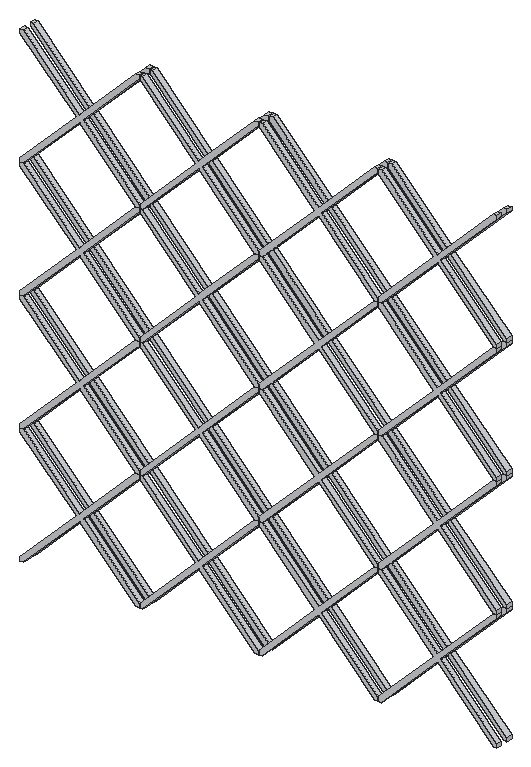
Revit family "M_Padrão do montante_diamante_4x4", category Modelos genéricos, Revit 2019
Family settings
  Pode hospedar o vergalhão = Não
  Cota do conector redondo = Utilizar diâmetro
  Tipo de parte = Normal
  Com base no plano de trabalho = Não
  Sempre na vertical = Sim
  Corte com vazios quando carregada = Não
  Compartilhado = Sim
  Ponto de cálculo do ambiente = Não
Parameters
  Largura [instance] = 1200 mm
  Espessura = 12.7 mm
  Altura [instance] = 1200 mm
  Material interior [instance] = none
  Material externo [instance] = none
  Distância = 19.05 mm
Reference planes
  plane 1 "Centro (Frente/Trás)": y = 0
  plane 2: z = 0
  plane 3 "Centro (Esquerda/Direita)": x = 0
  plane 4: z = 1200
  plane 5: x = -600
  plane 6: x = 600
  plane 7: z = 600
  plane 8: x = -300
  plane 9: x = 300
  plane 10: z = 900
  plane 11: z = 300
Dimensions and locks
  "Largura": plane 6 to plane 5
  "Altura": plane 4 to plane 2
  equal spacing: plane 6, plane 9, plane 3 "Centro (Esquerda/Direita)", plane 8, plane 5
  equal spacing: plane 4, plane 10, plane 7, plane 11, plane 2
  aligned and locked: plane 2 to level
  aligned and locked: plane 1 "Centro (Frente/Trás)" to nested 1
  aligned and locked: plane 1 "Centro (Frente/Trás)" to nested 2
  aligned and locked: plane 1 "Centro (Frente/Trás)" to nested 3
  aligned and locked: plane 1 "Centro (Frente/Trás)" to nested 4
  aligned and locked: plane 10 to nested 1
  aligned and locked: plane 10 to nested 3
  aligned and locked: plane 10 to nested 2
  aligned and locked: plane 10 to nested 4
  aligned and locked: plane 4 to nested 1
  aligned and locked: plane 4 to nested 3
  aligned and locked: plane 4 to nested 2
  aligned and locked: plane 4 to nested 4
  aligned and locked: plane 6 to nested 4
  aligned and locked: plane 9 to nested 4
  aligned and locked: plane 9 to nested 2
  aligned and locked: plane 3 "Centro (Esquerda/Direita)" to nested 2
  aligned and locked: plane 3 "Centro (Esquerda/Direita)" to nested 3
  aligned and locked: plane 8 to nested 3
  aligned and locked: plane 8 to nested 1
  aligned and locked: plane 5 to nested 1
  aligned and locked: plane 5 to nested 5
  aligned and locked: plane 8 to nested 7
  aligned and locked: plane 8 to nested 5
  aligned and locked: plane 3 "Centro (Esquerda/Direita)" to nested 7
  aligned and locked: plane 3 "Centro (Esquerda/Direita)" to nested 6
  aligned and locked: plane 9 to nested 8
  aligned and locked: plane 9 to nested 6
  aligned and locked: plane 6 to nested 8
  aligned and locked: plane 6 to nested 12
  aligned and locked: plane 9 to nested 12
  aligned and locked: plane 9 to nested 10
  aligned and locked: plane 3 "Centro (Esquerda/Direita)" to nested 11
  aligned and locked: plane 3 "Centro (Esquerda/Direita)" to nested 10
  aligned and locked: plane 8 to nested 11
  aligned and locked: plane 8 to nested 9
  aligned and locked: plane 5 to nested 9
  aligned and locked: plane 10 to nested 5
  aligned and locked: plane 10 to nested 7
  aligned and locked: plane 10 to nested 6
  aligned and locked: plane 10 to nested 8
  aligned and locked: plane 7 to nested 5
  aligned and locked: plane 7 to nested 7
  aligned and locked: plane 7 to nested 6
  aligned and locked: plane 7 to nested 8
  aligned and locked: plane 7 to nested 9
  aligned and locked: plane 7 to nested 11
  aligned and locked: plane 7 to nested 10
  aligned and locked: plane 7 to nested 12
  aligned and locked: plane 11 to nested 9
  aligned and locked: plane 11 to nested 11
  aligned and locked: plane 11 to nested 10
  aligned and locked: plane 11 to nested 12
  aligned and locked: plane 5 to nested 13
  aligned and locked: plane 8 to nested 15
  aligned and locked: plane 8 to nested 13
  aligned and locked: plane 3 "Centro (Esquerda/Direita)" to nested 15
  aligned and locked: plane 3 "Centro (Esquerda/Direita)" to nested 14
  aligned and locked: plane 9 to nested 16
  aligned and locked: plane 9 to nested 14
  aligned and locked: plane 6 to nested 16
  aligned and locked: plane 11 to nested 13
  aligned and locked: plane 11 to nested 15
  aligned and locked: plane 11 to nested 14
  aligned and locked: plane 11 to nested 16
  aligned and locked: plane 2 to nested 16
  aligned and locked: plane 2 to nested 14
  aligned and locked: plane 2 to nested 15
  aligned and locked: plane 2 to nested 13
Nested families
  nested 1: "M_Padrão do montante_diamante" at (-450, 0, 900), Material externo <- "Material externo", Material interior <- "Material interior", type "M_Padrão do montante_diamante"
    with W 300 mm, Material interior none, H 300 mm, Material externo none
  nested 2: "M_Padrão do montante_diamante" at (150, 0, 900), Material externo <- "Material externo", Material interior <- "Material interior", type "M_Padrão do montante_diamante"
    with W 300 mm, Material interior none, H 300 mm, Material externo none
  nested 3: "M_Padrão do montante_diamante" at (-150, 0, 900), Material externo <- "Material externo", Material interior <- "Material interior", type "M_Padrão do montante_diamante"
    with W 300 mm, Material interior none, H 300 mm, Material externo none
  nested 4: "M_Padrão do montante_diamante" at (450, 0, 900), Material externo <- "Material externo", Material interior <- "Material interior", type "M_Padrão do montante_diamante"
    with W 300 mm, Material interior none, H 300 mm, Material externo none
  nested 5: "M_Padrão do montante_diamante" at (-450, 0, 600), Material externo <- "Material externo", Material interior <- "Material interior", type "M_Padrão do montante_diamante"
    with W 300 mm, Material interior none, H 300 mm, Material externo none
  nested 6: "M_Padrão do montante_diamante" at (150, 0, 600), Material externo <- "Material externo", Material interior <- "Material interior", type "M_Padrão do montante_diamante"
    with W 300 mm, Material interior none, H 300 mm, Material externo none
  nested 7: "M_Padrão do montante_diamante" at (-150, 0, 600), Material externo <- "Material externo", Material interior <- "Material interior", type "M_Padrão do montante_diamante"
    with W 300 mm, Material interior none, H 300 mm, Material externo none
  nested 8: "M_Padrão do montante_diamante" at (450, 0, 600), Material externo <- "Material externo", Material interior <- "Material interior", type "M_Padrão do montante_diamante"
    with W 300 mm, Material interior none, H 300 mm, Material externo none
  nested 9: "M_Padrão do montante_diamante" at (-450, 0, 300), Material externo <- "Material externo", Material interior <- "Material interior", type "M_Padrão do montante_diamante"
    with W 300 mm, Material interior none, H 300 mm, Material externo none
  nested 10: "M_Padrão do montante_diamante" at (150, 0, 300), Material externo <- "Material externo", Material interior <- "Material interior", type "M_Padrão do montante_diamante"
    with W 300 mm, Material interior none, H 300 mm, Material externo none
  nested 11: "M_Padrão do montante_diamante" at (-150, 0, 300), Material externo <- "Material externo", Material interior <- "Material interior", type "M_Padrão do montante_diamante"
    with W 300 mm, Material interior none, H 300 mm, Material externo none
  nested 12: "M_Padrão do montante_diamante" at (450, 0, 300), Material externo <- "Material externo", Material interior <- "Material interior", type "M_Padrão do montante_diamante"
    with W 300 mm, Material interior none, H 300 mm, Material externo none
  nested 13: "M_Padrão do montante_diamante" at (-450, 0, 0), Material externo <- "Material externo", Material interior <- "Material interior", type "M_Padrão do montante_diamante"
    with W 300 mm, Material interior none, H 300 mm, Material externo none
  nested 14: "M_Padrão do montante_diamante" at (150, 0, 0), Material externo <- "Material externo", Material interior <- "Material interior", type "M_Padrão do montante_diamante"
    with W 300 mm, Material interior none, H 300 mm, Material externo none
  nested 15: "M_Padrão do montante_diamante" at (-150, 0, 0), Material externo <- "Material externo", Material interior <- "Material interior", type "M_Padrão do montante_diamante"
    with W 300 mm, Material interior none, H 300 mm, Material externo none
  nested 16: "M_Padrão do montante_diamante" at (450, 0, 0), Material externo <- "Material externo", Material interior <- "Material interior", type "M_Padrão do montante_diamante"
    with W 300 mm, Material interior none, H 300 mm, Material externo none
Definition of nested family "M_Padrão do montante_diamante"
  Parameters (values of type "M_Padrão do montante_diamante")
    W [instance] = 1200 mm
    Espessura = 12.7 mm
    H [instance] = 1200 mm
    Material interior [instance] = none
    Distância = 19.05 mm
    Material externo [instance] = none
  Reference planes
    plane 1 "Centro (Frente/Trás)": y = 0
    plane 2: z = 0
    plane 3 "Centro (Esquerda/Direita)": x = 0
    plane 4: z = 1200
    plane 5: x = -600
    plane 6: x = 600
    plane 7: z = 600
    plane 8: y = 9.525
    plane 9: y = -9.525
    plane 10: y = 22.225
    plane 11: y = -22.225
  Forms (mm)
    Extrusion 1, solid, material <- "Material externo", detail levels fine
      sketch origin (-600, 0, 1200) x (0.707107, 0, -0.707107) y (0.707107, 0, 0.707107)
        loop
          line (0, 6.35) -> (0, -6.35) -> (1697.056, -6.35) -> (1697.056, 6.35) -> (0, 6.35)
      from -22.225 to -9.525
    Extrusion 2, solid, material <- "Material externo", detail levels fine
      sketch origin (600, 0, 1200) x (-0.707107, 0, -0.707107) y (0.707107, 0, -0.707107)
        loop
          line (1697.056, 6.35) -> (0, 6.35) -> (0, -6.35) -> (1697.056, -6.35) -> (1697.056, 6.35)
      from -22.225 to -9.525
    Extrusion 3, void
      sketch origin (0, 0, 0) x (1, 0, 0) y (0, 0, 1)
        loop
          line (-600, 1200) -> (-600, 0) -> (600, 0) -> (600, 1200) -> (-600, 1200)
        loop
          line (-612.7, 1212.7) -> (-612.7, -12.7) -> (612.7, -12.7) -> (612.7, 1212.7) -> (-612.7, 1212.7)
      from -22.225 to 22.225
    Extrusion 4, solid, material <- "Material interior", detail levels fine
      sketch origin (-600, 0, 1200) x (0.707107, 0, -0.707107) y (0.707107, 0, 0.707107)
        loop
          line (0, 6.35) -> (0, -6.35) -> (1697.056, -6.35) -> (1697.056, 6.35) -> (0, 6.35)
      from 9.525 to 22.225
    Extrusion 5, solid, material <- "Material interior", detail levels fine
      sketch origin (600, 0, 1200) x (-0.707107, 0, -0.707107) y (0.707107, 0, -0.707107)
        loop
          line (0, -6.35) -> (1697.056, -6.35) -> (1697.056, 6.35) -> (0, 6.35) -> (0, -6.35)
      from 9.525 to 22.225
  Cuts and joins
    Extrusion 3 cuts Extrusion 1
    Extrusion 3 cuts Extrusion 2
    joined: Extrusion 1, Extrusion 2
    Extrusion 3 cuts Extrusion 4
    Extrusion 3 cuts Extrusion 5
    joined: Extrusion 4, Extrusion 5
  Lines and regions (mm)
    reference lines
      curve 1: line (-600, 0, 1200) -> (600, 0, 0)
      curve 2: line (600, 0, 1200) -> (-600, 0, 0)
      curve 3: line (-600, 0, 1200) -> (-447.336, 0, 1352.664)
      curve 4: line (600, 0, 0) -> (793.076, 0, 193.076)
      curve 5: line (-529.006, 0, 1120.026) -> (416.643, 0, 174.377)
      curve 6: line (-520.026, 0, 1129.006) -> (425.623, 0, 183.357)
      curve 7: line (600, 0, 1200) -> (469.786, 0, 1330.214)
      curve 8: line (-600, 0, 0) -> (-707.763, 0, 107.763)
      curve 9: line (-595.51, 0, -4.49) -> (557.214, 0, 1148.233)
      curve 10: line (-604.49, 0, 4.49) -> (548.233, 0, 1157.214)
    model lines, detail levels medium
      curve 11: line (600, 9.525, 0) -> (-600, 9.525, 1200)
      curve 12: line (600, 9.525, 1200) -> (-600, 9.525, 0)
      curve 13: line (600, -9.525, 0) -> (-600, -9.525, 1200)
      curve 14: line (600, -9.525, 1200) -> (-600, -9.525, 0)
  Dimensions and locks
    equal spacing: plane 6, plane 3 "Centro (Esquerda/Direita)", plane 5
    "W": plane 6 to plane 5
    "H": plane 4 to plane 2
    equal spacing: plane 4, plane 7, plane 2
    equal spacing: curve 5, curve 1, curve 6
    "Espessura": curve 5 to curve 6
    equal spacing: curve 9, curve 2, curve 10
    "Espessura": curve 9 to curve 10
    "Espessura": Extrusion 3 sketch curve to plane 6
    "Espessura": plane 2 to Extrusion 3 sketch curve
    "Espessura": plane 5 to Extrusion 3 sketch curve
    "Espessura": Extrusion 3 sketch curve to plane 4
    "Distância": plane 8 to plane 9
    equal spacing: plane 8, plane 1 "Centro (Frente/Trás)", plane 9
    "Espessura": plane 10 to plane 8
    "Espessura": plane 9 to plane 11
    locked: curve 1 to curve 3 (angle 90.00°)
    locked: curve 4 to curve 1 (angle 90.00°)
    locked: curve 7 to curve 2 (angle 90.00°)
    locked: curve 2 to curve 8 (angle 90.00°)
    aligned and locked: plane 2 to level
    aligned and locked: plane 4 to curve 1
    aligned and locked: plane 5 to curve 1
    aligned and locked: plane 2 to curve 2
    aligned and locked: plane 5 to curve 2
    aligned and locked: plane 6 to curve 1
    aligned and locked: plane 2 to curve 1
    aligned and locked: plane 6 to curve 2
    aligned and locked: plane 4 to curve 2
    aligned and locked: plane 4 to curve 3
    aligned and locked: plane 5 to curve 3
    aligned and locked: plane 6 to curve 4
    aligned and locked: plane 2 to curve 4
    aligned and locked: Extrusion 1 sketch curve to curve 5
    aligned and locked: Extrusion 1 sketch curve to curve 3
    aligned and locked: Extrusion 1 sketch curve to curve 6
    aligned and locked: curve 6 to Extrusion 1 sketch curve
    aligned and locked: curve 5 to Extrusion 1 sketch curve
    aligned and locked: Extrusion 1 sketch curve to curve 4
    aligned and locked: curve 4 to Extrusion 1 sketch curve
    aligned and locked: plane 5 to curve 8
    aligned and locked: plane 2 to curve 8
    aligned and locked: plane 6 to curve 7
    aligned and locked: plane 4 to curve 7
    aligned and locked: Extrusion 2 sketch curve to curve 10  (x2)
    aligned and locked: Extrusion 2 sketch curve to curve 8  (x2)
    aligned and locked: curve 9 to Extrusion 2 sketch curve  (x2)
    aligned and locked: curve 7 to Extrusion 2 sketch curve
    aligned and locked: plane 5 to Extrusion 3 sketch curve
    aligned and locked: Extrusion 3 sketch curve to plane 4
    aligned and locked: Extrusion 3 sketch curve to plane 6
    aligned and locked: plane 2 to Extrusion 3 sketch curve
    aligned and locked: plane 10 to cut or joined group of Extrusion 1, Extrusion 2, Extrusion 3  (x2)
    aligned and locked: cut or joined group of Extrusion 1, Extrusion 2, Extrusion 3 to plane 8  (x2)
    aligned and locked: plane 10 to Extrusion 3
    aligned and locked: Extrusion 3 to plane 11
    aligned and locked: curve 3 to Extrusion 4 sketch curve
    aligned and locked: Extrusion 4 sketch curve to curve 3
    aligned and locked: Extrusion 4 sketch curve to curve 6
    aligned and locked: Extrusion 4 sketch curve to curve 5
    aligned and locked: Extrusion 4 sketch curve to curve 4
    aligned and locked: curve 6 to Extrusion 4 sketch curve
    aligned and locked: curve 5 to Extrusion 4 sketch curve
    aligned and locked: Extrusion 5 sketch curve to curve 9
    aligned and locked: Extrusion 5 sketch curve to curve 10
    aligned and locked: Extrusion 5 sketch curve to curve 7  (x2)
    aligned and locked: Extrusion 5 sketch curve to curve 8  (x2)
    aligned and locked: curve 9 to Extrusion 5 sketch curve
    aligned and locked: curve 10 to Extrusion 5 sketch curve
    aligned and locked: Extrusion 4 to plane 11
    aligned and locked: Extrusion 5 to plane 11
    aligned and locked: plane 9 to Extrusion 4
    aligned and locked: plane 9 to Extrusion 5
    aligned and locked: plane 2 to curve 11
    aligned and locked: plane 6 to curve 11
    aligned and locked: plane 5 to curve 11
    aligned and locked: plane 4 to curve 11
    aligned and locked: plane 5 to curve 12
    aligned and locked: plane 2 to curve 12
    aligned and locked: plane 4 to curve 12
    aligned and locked: plane 6 to curve 12
    aligned and locked: plane 2 to curve 13
    aligned and locked: plane 6 to curve 13
    aligned and locked: plane 4 to curve 14
    aligned and locked: plane 6 to curve 14
    aligned and locked: plane 4 to curve 13
    aligned and locked: plane 5 to curve 13
    aligned and locked: plane 2 to curve 14
    aligned and locked: plane 5 to curve 14
  Automatic sketch dimensions
    curve 1 to curve 6 = 106.751 mm
    curve 1 to curve 5 = 106.751 mm
    curve 5 to curve 1 = 252.956 mm
    curve 6 to curve 5 = 0 mm
    curve 2 to curve 9 = 0 mm
    curve 2 to curve 9 = 66.859 mm
    curve 2 to curve 10 = 66.859 mm
